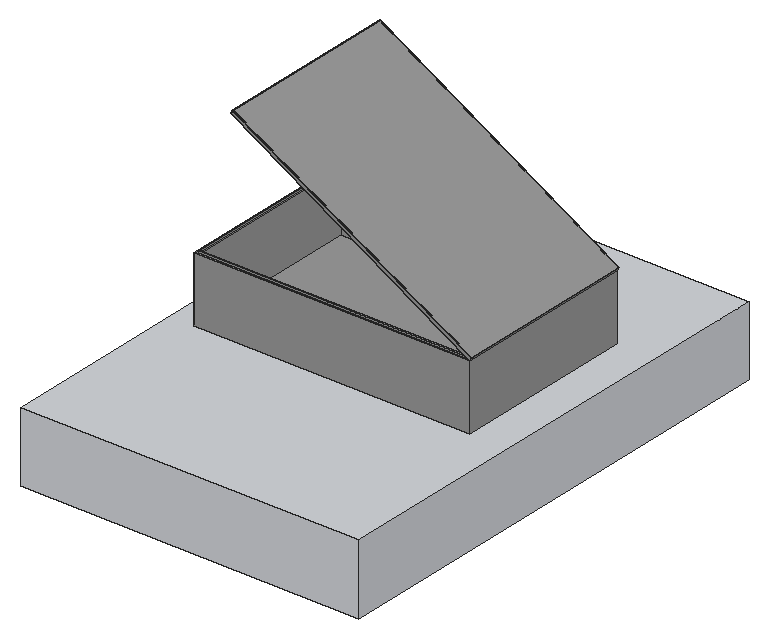
Revit family "Hager-Orion_Inox-IP55-D300-Cl.I-Inox_encl-630A-800mm-CH-fr", category Equipement électrique, Revit 2020
Family settings
  Hôte = Face
  Configuration du panneau = Deux colonnes, circuits au sein
  Cote de connecteur circulaire = Utiliser le diamètre
  Type d'élément = Tableau de raccordement
  Couper avec des vides une fois chargée = Non
  Partagée = Non
  Point de calcul de pièce = Non
Parameters (values of type "saillie IP55 L1200 H800 P300  - FL055BWL")
  Width Control [instance] = if([EF000008 - largeur] > Min Width, [EF000008 - largeur], Min Width)  # 1200 mm
  Commentaires du type = [HG000003 - Gamme]  # "Orion Inox"
  Thickness Door [instance] = if([EF009171 - épaisseur de matériau de la porte/du couvercle] > 3 mm, 3 mm, [EF009171 - épaisseur de matériau de la porte/du couvercle])  # 1.5 mm
  Seal Frame Offset [instance] = 17 mm  # constant formula
  Model = ""
  Min Width [instance] = 100 mm  # constant formula
  Min Height [instance] = 100 mm  # constant formula
  Min Depth [instance] = (2 * [EF009170 - épaisseur de matériau du boîtier]) + 1 mm  # 4 mm
  Internal Frame Depth [instance] = (Door System Depth * 0.5)  # 9 mm
  Height Control [instance] = if([EF000040 - hauteur] > Min Height, [EF000040 - hauteur], Min Height)  # 800 mm
  HG000027 - Hauteur du socle = 0 mm
  HG000026 - Installation au sol = no
  HG000024 - Hauteur de la section basse = 800 mm
  HG000023 - Armoire double section = no
  HG000016 - Visibilité de la porte 3D [instance] = yes
  HG000015 - Visibilité de l'emprise de la porte [instance] = no
  HG000014 - Porte à droite [instance] = yes
  HG000013 - Porte à gauche [instance] = not([HG000014 - Porte à droite])  # no
  HG000012 - Angle de pivotement de la porte [instance] = 30.00°
  HG000010 - Portes asymétriques = no
  HG000009 - Porte à double battant = no
  HG000006 - Encastré = no
  HG000004 - Référence fabricant = "FL055BWL"
  HG000003 - Gamme = "Orion Inox"
  HG000002 - avec porte = yes
  Frame Offset Bottom [instance] = 10 mm  # constant formula
  Frame Offset [instance] = 15 mm  # constant formula
  EF015940 - couvercle avec décharge de pression = no
  EF011959 - degré de protection (NEMA) = ""
  EF009554 - nombre d'ouvertures pour plaques à bride = 0
  Fabricant = "Hager"  # constant formula
  EF009212 - finition du couvercle = "EV000116 - fermé"
  EF009171 - épaisseur de matériau de la porte/du couvercle = 1.5 mm
  EF009170 - épaisseur de matériau du boîtier = 1.5 mm
  EF008873 - courant nominal (In) = 630 A
  EF007800 - adapté à un parafoudre = no
  EF006306 - avec serrure = yes
  EF006244 - couvercle/porte transparent(e) = no
  EF005474 - indice de protection (IP) = "EV006420 - IP55"
  EF004464 - type de porte = "EV003602 - double"
  EF004427 - nombre de modules = 0
  EF004293 - indice de protection contre les chocs (IK) = "EV008784 - IK10"
  EF003532 - convient pour utilisation à l’extérieur = yes
  EF002950 - largeur en nombre de modules = 0
  EF001613 - maintien de fonction = "EV000494 - sans"
  EF001596 - matériau du boîtier/corps = "EV000166 - acier inoxydable"
  EF001131 - profondeur intérieure = 266 mm
  EF001088 - possibilité de montage en saillie = yes
  EF000437 - nombre d'entrées de conduit = 0
  EF000339 - type de capot = "EV004216 - porte"
  EF000266 - nombre de rangées = 0
  EF000218 - profondeur d'encastrement = 0 mm
  EF000118 - avec cadre/support de montage = no
  EF000116 - numéro RAL = ""
  EF000049 - profondeur = 300 mm
  EF000040 - hauteur = 800 mm
  EF000008 - largeur = 1200 mm
  EF000007 - couleur = "EV000154 - autre"
  EF000003 - mode de pose = "EV000384 - saillie"
  Door System Leaf Tolerance [instance] = 1.5 mm  # constant formula
  Door System Depth [instance] = 18 mm  # constant formula
  Depth Control [instance] = if([EF000049 - profondeur] > Min Depth, [EF000049 - profondeur], Min Depth)  # 300 mm
  Default Elevation = 0 mm
Types (4, lengths in mm): name | Width Control | HG000004 - Référence fabricant | EF000008 - largeur
  saillie IP55 L1000 H800 P300  - FL054BW | 1000 | "FL054BW" | 1000
  saillie IP55 L1000 H800 P300  - FL054BWL | 1000 | "FL054BWL" | 1000
  saillie IP55 L1200 H800 P300  - FL055BW | 1200 | "FL055BW" | 1200
  saillie IP55 L1200 H800 P300  - FL055BWL | 1200 | "FL055BWL" | 1200
Reference planes
  plane 1 "Center (Front/Back)": y = 0
  plane 2: z = 0
  plane 3 "Center (Left/Right)": x = 0
  plane 4: z = 300
  plane 5: y = 1.5
  plane 6: y = 400
  plane 7: y = 0
  plane 8: y = 800
  plane 9: z = 0
  plane 10: x = -585
  plane 11: x = 585
  plane 12: x = 583.5
  plane 13: x = -583.5
  plane 14: y = 798.5
  plane 15: x = -583
  plane 16: x = -600
  plane 17: x = 583
  plane 18: x = 600
  plane 19: x = 598.5
  plane 20: x = -598.5
  plane 21: y = 11.5
  plane 22: y = 800
  plane 23: y = 783.5
  plane 24: z = 282
  plane 25: z = 1.5
  plane 26: z = 280.5
  plane 27: z = 298.5
Forms (mm)
  Extrusion 1, solid
    sketch origin (0, 0, 0) x (1, 0, 0) y (0, 1, 0)
      loop
        line (-702.964, 1305) -> (-702.964, -811.445) -> (766.763, -811.445) -> (766.763, 1305) -> (-702.964, 1305)
    from 0 to -304.8
  Extrusion 2, solid, material "Hager_Stainless_Steel", detail levels medium+fine
    sketch origin (0, 0, 0) x (1, 0, 0) y (0, 1, 0)
      loop
        line (-600, 0) -> (600, 0) -> (600, 800) -> (-600, 800) -> (-600, 0)
    from 0 to 282
  Extrusion 3, solid, material "Hager_Steel_RAL 7035_Light_Grey", not visible, detail levels medium+fine
    sketch origin (0, 28.16, 50.802) x (0, 1, 0) y (0, 0, 1)
      loop
        line (423.34, -50.802) -> (423.34, 237.698)
        arc (423.34, 237.698) -> (420.411, 244.769) -> (413.34, 247.698) r 10
        line (413.34, 247.698) -> (383.34, 247.698) -> (383.34, -50.802) -> (423.34, -50.802)
    from -598.5 to 598.5
  Extrusion 4, void
    sketch origin (0, 0, 0) x (1, 0, 0) y (0, 1, 0)
      loop
        line (-598.5, 1.5) -> (598.5, 1.5) -> (598.5, 798.5) -> (-598.5, 798.5) -> (-598.5, 1.5)
    from 1.5 to 280.5
  Extrusion 5, void
    sketch origin (-381.607, -4572, 282) x (0, -1, 0) y (-1, 0, 0)
      loop
        line (-4583.5, 201.893) -> (-5355.5, 201.893) -> (-5355.5, -965.107) -> (-4583.5, -965.107) -> (-4583.5, 201.893)
    from 0 to 1.5 <- "EF009170 - épaisseur de matériau du boîtier"
  Extrusion 6, solid, material "Hager_Stainless_Steel", detail levels fine
    sketch origin (-381.607, -4572, 282) x (-1, 0, 0) y (0, -1, 0)
      loop
        line (201.893, -4583.5) -> (-965.107, -4583.5) -> (-965.107, -5355.5) -> (201.893, -5355.5) -> (201.893, -4583.5)
      loop
        line (202.893, -4582) -> (-966.107, -4582) -> (-966.107, -5357) -> (202.893, -5357) -> (202.893, -4582)
    from 0 to 9 <- "Internal Frame Depth"
  Extrusion 7, solid, material "Hager_Stainless_Steel", detail levels coarse
    sketch origin (0, 0, 0) x (1, 0, 0) y (0, 1, 0)
      loop
        line (-600, 0) -> (600, 0) -> (600, 800) -> (-600, 800) -> (-600, 0)
    from 0 to 300
Cuts and joins
  Extrusion 4, Extrusion 5 cuts Extrusion 2
Lines and regions (mm)
  Masking region 1
    outline origin (0, 0, 0) x (1, 0, 0) y (0, 0, 1)
      loop
        line (-600, 300) -> (-600, 0) -> (600, 0) -> (600, 300) -> (-600, 300)
  Masking region 2, detail levels medium+fine
    outline origin (0, 140, 0) x (0, 1, 0) y (0, 0, 1)
      loop
        line (-140, 0) -> (660, 0) -> (660, 282) -> (-140, 282) -> (-140, 0)
  Masking region 3, not visible, detail levels medium+fine
    outline origin (0, 297.922, 0) x (0, 1, 0) y (0, 0, 1)
      loop
        line (113.578, 0) -> (153.578, 0) -> (153.578, 288.5)
        arc (153.578, 288.5) -> (150.649, 295.571) -> (143.578, 298.5) r 10
        line (143.578, 298.5) -> (113.578, 298.5) -> (113.578, 0)
  Masking region 4, detail levels coarse
    outline origin (0, 0, 180) x (0, 1, 0) y (0, 0, 1)
      loop
        line (0, -180) -> (800, -180) -> (800, 120) -> (0, 120) -> (0, -180)
  Masking region 5
    outline origin (-381.607, -4572, 282) x (-1, 0, 0) y (0, -1, 0)
      loop
        line (218.393, -5372) -> (218.393, -4572) -> (-981.607, -4572) -> (-981.607, -5372) -> (218.393, -5372)
Dimensions and locks
  "Depth Control": plane 4 to Extrusion 1
  "EF009170 - épaisseur de matériau du boîtier": plane 5 to plane 7
  locked: connector elem to plane 3 "Center (Left/Right)"
  equal spacing: plane 8, plane 6, plane 7
  locked: connector elem to plane 6
  "EF009170 - épaisseur de matériau du boîtier": plane 8 to plane 14
  "EF009170 - épaisseur de matériau du boîtier": plane 10 to plane 13
  "EF009170 - épaisseur de matériau du boîtier": plane 12 to plane 11
  "Frame Offset": plane 20 to plane 13
  "Frame Offset": plane 12 to plane 19
  "EF009170 - épaisseur de matériau du boîtier": plane 16 to plane 20
  "EF009170 - épaisseur de matériau du boîtier": plane 19 to plane 18
  "Seal Frame Offset": plane 16 to plane 15
  "Seal Frame Offset": plane 17 to plane 18
  "Frame Offset Bottom": plane 21 to plane 5
  "Frame Offset": plane 14 to plane 23
  equal spacing: plane 16, plane 3 "Center (Left/Right)", plane 18
  "Width Control": plane 16 to plane 18
  "EF009170 - épaisseur de matériau du boîtier": plane 4 to plane 27
  "EF009170 - épaisseur de matériau du boîtier": plane 24 to plane 26
  "EF009170 - épaisseur de matériau du boîtier": plane 25 to level
  "Door System Depth": plane 4 to plane 24
  "Height Control": plane 1 "Center (Front/Back)" to Extrusion 7 sketch curve
  "Height Control": Masking region 4 sketch curve to plane 1 "Center (Front/Back)"
  "Thickness Door": Extrusion 6 sketch curve to plane 15
  "Thickness Door": plane 21 to Extrusion 6 sketch curve
  "Thickness Door": plane 17 to Extrusion 6 sketch curve
  "Thickness Door": Extrusion 6 sketch curve to plane 23
  "Height Control": plane 1 "Center (Front/Back)" to plane 22
  radius of Masking region 3 sketch curve = 10 mm
  radius of Extrusion 3 sketch curve = 10 mm
  aligned and locked: plane 2 to Extrusion 1
  aligned and locked: level to Extrusion 1
  aligned and locked: level to Masking region 1 sketch curve
  aligned and locked: Masking region 1 sketch curve to plane 18
  aligned and locked: Masking region 1 sketch curve to plane 16
  aligned and locked: plane 7 to Masking region 2 sketch curve
  aligned and locked: level to Masking region 3 sketch curve
  aligned and locked: Masking region 3 sketch curve to plane 27
  aligned and locked: level to Masking region 2 sketch curve
  aligned and locked: Extrusion 2 sketch curve to plane 7
  aligned and locked: plane 16 to Extrusion 2 sketch curve
  aligned and locked: plane 18 to Extrusion 2 sketch curve
  aligned and locked: Extrusion 3 sketch curve to level
  aligned and locked: plane 27 to Extrusion 3 sketch curve
  aligned and locked: plane 20 to Extrusion 3
  aligned and locked: plane 19 to Extrusion 3
  aligned and locked: plane 20 to Extrusion 4 sketch curve
  aligned and locked: plane 19 to Extrusion 4 sketch curve
  aligned and locked: Extrusion 4 sketch curve to plane 5
  aligned and locked: Extrusion 4 to plane 25
  aligned and locked: plane 26 to Extrusion 4
  aligned and locked: plane 24 to Extrusion 2
  aligned and locked: Extrusion 5 sketch curve to plane 21
  aligned and locked: Extrusion 5 sketch curve to plane 13
  aligned and locked: Extrusion 5 sketch curve to plane 12
  aligned and locked: plane 18 to Extrusion 7 sketch curve
  aligned and locked: plane 1 "Center (Front/Back)" to Extrusion 7 sketch curve
  aligned and locked: plane 16 to Extrusion 7 sketch curve
  aligned and locked: plane 4 to Extrusion 7
  aligned and locked: Extrusion 7 to level
  aligned and locked: level to Masking region 4 sketch curve
  aligned and locked: Masking region 4 sketch curve to plane 1 "Center (Front/Back)"
  aligned and locked: Masking region 4 sketch curve to plane 4
  aligned and locked: nested 1 to level
  aligned and locked: nested 1 to plane 16
  aligned and locked: Extrusion 2 sketch curve to plane 8
  aligned and locked: Extrusion 5 sketch curve to plane 23
  aligned and locked: Extrusion 4 sketch curve to plane 14
  aligned and locked: Extrusion 6 sketch curve to plane 21
  aligned and locked: plane 13 to Extrusion 6 sketch curve
  aligned and locked: Extrusion 6 sketch curve to plane 23
  aligned and locked: plane 12 to Extrusion 6 sketch curve
  aligned and locked: Masking region 2 sketch curve to plane 8
  aligned and locked: Masking region 2 sketch curve to plane 24
  aligned and locked: nested 2 to plane 3 "Center (Left/Right)"
  aligned and locked: nested 2 to plane 24
  aligned and locked: Masking region 5 sketch curve to plane 1 "Center (Front/Back)"
  aligned and locked: Masking region 5 sketch curve to plane 18
  aligned and locked: Masking region 5 sketch curve to plane 22
  aligned and locked: Masking region 5 sketch curve to plane 16
  aligned and locked: plane 8 to plane 22
  aligned and locked: plane 7 to plane 1 "Center (Front/Back)"
  aligned and locked: nested 2 to plane 1 "Center (Front/Back)"
Automatic sketch dimensions
  Extrusion 1 sketch curve to Extrusion 1 sketch curve = 1469.727 mm
  Extrusion 1 sketch curve to Extrusion 1 sketch curve = 2116.445 mm
  plane 6 to Masking region 3 sketch curve = 11.5 mm
  Masking region 3 sketch curve to Masking region 3 sketch curve = 30 mm
  plane 6 to Extrusion 3 sketch curve = 11.5 mm
  Extrusion 3 sketch curve to Extrusion 3 sketch curve = 30 mm
  Masking region 1 sketch curve to plane 4 = 0 mm
Nested families
  nested 1: "Hager_Enclosure_Symbol" at (-600, 0, 0) x (1, 0, 0) z (0, -1, 0), Height <- "Depth Control", Width <- "Width Control", type "Hager_Enclosure_Symbol"
    with Width_Ctrl 1200 mm, Width 1200 mm, Height_Ctrl 300 mm, Height 300 mm, A_Width_Int 19.688 mm, A_Width 236.25 mm, A_Height_Ctrl 262.5 mm, A_Height 262.5 mm
  nested 2: "EC000058_OrionInox_Door" at (0, 800, 282) x (1, 0, 0) z (0, -1, 0), Leaf_Tolerance <- "Door System Leaf Tolerance", Angle <- "HG000012 - Angle de pivotement de la porte", Door_Depth <- "Door System Depth", Door_Left <- "HG000013 - Porte à gauche", Transparent <- "EF006244 - couvercle/porte transparent(e)", Assymetrical <- "HG000010 - Portes asymétriques", Width <- "Width Control", Clearance <- "HG000015 - Visibilité de l'emprise de la porte", Double <- "HG000009 - Porte à double battant", 3d_Door <- "HG000016 - Visibilité de la porte 3D", Width_Ctrl <- "Width Control", Door_Right <- "HG000014 - Porte à droite", Door <- "HG000002 - avec porte", Height <- "Height Control", Thickness <- "Thickness Door", type "EC000058_OrionInox_Door", detail levels medium+fine
    with min_wh 4 mm, Width_Ctrl 1200 mm, Width 1200 mm, Transparent no, Thickness 1.5 mm, Seal_Material Hager_Rubber, Leaf_Width 1200 mm, Leaf_Tolerance_External_Sides 0 mm, Leaf_Tolerance 1.5 mm, Leaf_Offset 0 mm, Leaf_Height 797 mm, Leaf_2_Width 1200 mm, Leaf_2_Offset 600 mm, Leaf_1_Width 1200 mm, Leaf_1_Offset 600 mm, Height_Ctrl 800 mm, Height 800 mm, Glass_Material Hager_Glass, Double_Clearance_Ctrl no, Double no, Door_Right_Ctrl yes, Door_Right yes, Door_Material Hager_Stainless_Steel, Door_Left_Ctrl no, Door_Left no, Door_Depth 18 mm, Door yes, Clearance_Material Hager_Clearance, Clearance_Depth 1200 mm, Clearance_Ctrl no, Clearance no, Assymetrical no, Angle 30.00°, 3d_Door yes
Connectors
  electrical at (0, 400, 0)
    settings: on plane 9, index 1, voltage 0 V, apparent load 0 VA, apparent load phase1 0 VA, apparent load phase2 0 VA, apparent load phase3 0 VA, power factor 1, load classification "Other", number of poles 1, system type 30, power factor state 1, is connector primary yes, connector utility no, sub classification motor no, connector description ""
Definition of nested family "EC000058_OrionInox_Door"
  Parameters (values of type "EC000058_OrionInox_Door")
    min_wh [instance] = (2 * Thickness) + 1 mm  # 11 mm
    Width_Ctrl [instance] = 400 mm
    Width [instance] = 500 mm
    Transparent [instance] = yes
    Thickness [instance] = 5 mm
    Seal_Material [instance] = none
    Leaf_Width [instance] = if((Width_Ctrl - 2 * Leaf_Tolerance_External_Sides) > 0 mm, (Width_Ctrl - 2 * Leaf_Tolerance_External_Sides), min_wh)  # 400 mm
    Leaf_Tolerance_External_Sides [instance] = 0 mm  # constant formula
    Leaf_Tolerance [instance] = 1.5 mm
    Leaf_Offset [instance] = 0 mm  # constant formula
    Leaf_Height [instance] = if((Height_Ctrl - 2 * Leaf_Tolerance) > 0 mm, (Height_Ctrl - 2 * Leaf_Tolerance), min_wh)  # 497 mm
    Leaf_2_Width [instance] = if(and(and(Double, Assymetrical), Door_Left), (Leaf_Width / 3) - (Leaf_Tolerance / 2), if(and(and(Double, Assymetrical), Door_Right), (Leaf_Width / 3) * 2 - (Leaf_Tolerance / 2), if(and(Double, not(Assymetrical)), (Leaf_Width / 2) - Leaf_Tolerance, Leaf_Width)))  # 400 mm
    Leaf_2_Offset [instance] = if(and(Double, Assymetrical), Leaf_2_Width / 2, if(and(Double, not(Assymetrical)), Leaf_Width / 4, Leaf_Width / 2))  # 200 mm
    Leaf_1_Width [instance] = if(and(and(Double, Assymetrical), Door_Right), (Leaf_Width / 3) - (Leaf_Tolerance / 2), if(and(and(Double, Assymetrical), Door_Left), (Width / 3) * 2 - (Leaf_Tolerance / 2), if(and(Double, not(Assymetrical)), (Leaf_Width / 2) - Leaf_Tolerance, Leaf_Width)))  # 400 mm
    Leaf_1_Offset [instance] = if(and(Double, Assymetrical), Leaf_1_Width / 2, if(and(Double, not(Assymetrical)), Leaf_Width / 4, Leaf_Width / 2))  # 200 mm
    Height_Ctrl [instance] = if(Height > min_wh, Height, min_wh)  # 500 mm
    Height [instance] = 500 mm
    Glass_Material [instance] = none
    Double_Clearance_Ctrl [instance] = and(Double, Clearance)  # no
    Double [instance] = no
    Door_Right_Ctrl [instance] = and(or(Door_Right, Double), Door)  # yes
    Door_Right [instance] = yes
    Door_Material [instance] = none
    Door_Left_Ctrl [instance] = and(or(Door_Left, Double), Door)  # no
    Door_Left [instance] = no
    Door_Depth [instance] = 30 mm
    Door [instance] = yes
    Default Elevation = 1219.2 mm
    Clearance_Material [instance] = none
    Clearance_Depth [instance] = if(Leaf_1_Width > Leaf_2_Width, Leaf_1_Width, Leaf_2_Width)  # 400 mm
    Clearance_Ctrl [instance] = and(not(Double), Clearance)  # yes
    Clearance [instance] = yes
    Assymetrical [instance] = yes
    Angle [instance] = 30.00°
    3d_Door [instance] = yes
  Reference planes
    plane 1 "Center (Front/Back)": y = 0
    plane 2 "Bottom": z = 0
    plane 3 "Center (Left/Right)": x = 0
    plane 4: z = 500
    plane 5: x = -200
    plane 6: x = 200
    plane 7: z = 500
    plane 8: x = -200
    plane 9: z = 0
    plane 10: x = 200
    plane 11: y = 0
    plane 12: z = 1.5
    plane 13: x = -600
    plane 14: y = -400
    plane 15: x = 600
    plane 16: x = 0
    plane 17: x = 0
    plane 18: x = -200
    plane 19: x = 200
    plane 20: z = 498.5
  Forms (mm)
    Extrusion 1, solid, material <- "Clearance_Material", visible <- "Double_Clearance_Ctrl"
      sketch origin (1200, 0, 0) x (1, 0, 0) y (0, 0, -1)
        loop
          line (-1800, -498.5) -> (-600, -498.5) -> (-600, 0) -> (-1800, 0) -> (-1800, -498.5)
      from 0 to -400
  Dimensions and locks
    equal spacing: plane 5, plane 3 "Center (Left/Right)", plane 6
    "Width_Ctrl": plane 5 to plane 6
    "Leaf_Offset": plane 5 to plane 8
    "Leaf_Offset": plane 6 to plane 10
    "Leaf_Offset": plane 9 to level
    "Leaf_Offset": plane 4 to plane 7
    "Height_Ctrl": plane 4 to level
    "Leaf_Tolerance": plane 12 to plane 9
    locked: plane 11 to plane 1 "Center (Front/Back)"
    "Leaf_1_Offset": plane 18 to plane 16
    "Leaf_2_Offset": plane 17 to plane 19
    "Leaf_1_Width": plane 13 to plane 8
    "Leaf_2_Width": plane 10 to plane 15
    "Clearance_Depth": plane 14 to plane 1 "Center (Front/Back)"
    "Leaf_Tolerance_External_Sides": plane 8 to plane 18
    "Leaf_Tolerance_External_Sides": plane 19 to plane 10
    "Leaf_Tolerance": plane 7 to plane 20
    aligned and locked: level to plane 2 "Bottom"
    aligned and locked: nested 1 to plane 16
    aligned and locked: nested 2 to plane 17
    aligned and locked: Extrusion 1 to plane 13
    aligned and locked: plane 15 to Extrusion 1
    aligned and locked: Extrusion 1 to plane 14
    aligned and locked: plane 12 to nested 1
    aligned and locked: nested 2 to plane 12
    aligned and locked: Extrusion 1 to plane 11
    aligned and locked: plane 20 to Extrusion 1
    aligned and locked: nested 2 to plane 11
    aligned and locked: nested 1 to plane 11
  Automatic sketch dimensions
    Extrusion 1 sketch curve to level = 0 mm
    plane 5 to Extrusion 1 sketch curve = 400 mm
    plane 6 to Extrusion 1 sketch curve = 400 mm
    Extrusion 1 sketch curve to plane 4 = 1.5 mm
  Nested families
    nested 1: "EC000058_OrionInox_Door_Leaf" at (0, 0, 1.5), Width <- "Leaf_1_Width", visible <- "Door_Left_Ctrl", Leaf_Height <- "Leaf_Height", Angle <- "Angle", 3d_Door <- "3d_Door", Transparent <- "Transparent", Clearance Material <- "Clearance_Material", Clearance <- "Clearance_Ctrl", Door_Material <- "Door_Material", Glass_Material <- "Glass_Material", Door_Depth <- "Door_Depth", Seal_Material <- "Seal_Material", Thickness <- "Thickness", type "EC000058_OrionInox_Door_Leaf"
      with Width 400 mm, Transparent_Ctrl yes, Transparent yes, Thickness 5 mm, Standard no, Seal_Material none, Seal_D2 8 mm, Seal_D1 1 mm, Offset_Internal_Frame 10 mm, Lock_Width 28 mm, Lock_Thickness 2 mm, Lock_Radius 6 mm, Leaf_Height 497 mm, Internal_Seal_Thickness 8 mm, Internal_Seal_Depth_2 4.5 mm, Internal_Frame_Depth 25 mm, Glass_Thickness -1 mm, Glass_Offset -2 mm, Glass_Material none, Door_Material none, Door_Depth 30 mm, Clearance Material none, Clearance yes, Angle_Ctrl 30.00°, Angle 30.00°, 3d_Door yes
    nested 2: "EC000058_OrionInox_Door_Leaf" at (0, 0, 1.5) x (-1, 0, 0) z (0, 0, 1), Width <- "Leaf_2_Width", visible <- "Door_Right_Ctrl", Leaf_Height <- "Leaf_Height", Angle <- "Angle", 3d_Door <- "3d_Door", Transparent <- "Transparent", Clearance Material <- "Clearance_Material", Clearance <- "Clearance_Ctrl", Door_Material <- "Door_Material", Glass_Material <- "Glass_Material", Door_Depth <- "Door_Depth", Seal_Material <- "Seal_Material", Thickness <- "Thickness", type "EC000058_OrionInox_Door_Leaf"
      with Width 400 mm, Transparent_Ctrl yes, Transparent yes, Thickness 5 mm, Standard no, Seal_Material none, Seal_D2 8 mm, Seal_D1 1 mm, Offset_Internal_Frame 10 mm, Lock_Width 28 mm, Lock_Thickness 2 mm, Lock_Radius 6 mm, Leaf_Height 497 mm, Internal_Seal_Thickness 8 mm, Internal_Seal_Depth_2 4.5 mm, Internal_Frame_Depth 25 mm, Glass_Thickness -1 mm, Glass_Offset -2 mm, Glass_Material none, Door_Material none, Door_Depth 30 mm, Clearance Material none, Clearance yes, Angle_Ctrl 30.00°, Angle 30.00°, 3d_Door yes
  Definition of nested family "EC000058_OrionInox_Door_Leaf"
    Parameters (values of type "EC000058_OrionInox_Door_Leaf")
      Width [instance] = 450 mm
      Transparent_Ctrl [instance] = and(Transparent, [3d_Door])  # yes
      Transparent [instance] = yes
      Thickness [instance] = 5 mm
      Standard [instance] = and(not(Transparent), [3d_Door])  # no
      Seal_Material [instance] = none
      Seal_D2 [instance] = 8 mm  # constant formula
      Seal_D1 [instance] = 1 mm  # constant formula
      Offset_Internal_Frame [instance] = 10 mm  # constant formula
      Lock_Width [instance] = Door_Depth - Lock_Thickness  # 28 mm
      Lock_Thickness [instance] = 2 mm  # constant formula
      Lock_Radius [instance] = 6 mm  # constant formula
      Leaf_Height [instance] = 450 mm
      Internal_Seal_Thickness [instance] = 8 mm  # constant formula
      Internal_Seal_Depth_2 [instance] = 4.5 mm  # constant formula
      Internal_Frame_Depth [instance] = if(Door_Depth - Thickness > 5 mm, Door_Depth - Thickness, 5 mm)  # 25 mm
      Glass_Thickness [instance] = if(Thickness > 15 mm, Glass_Offset + 10 mm, -1 mm)  # -1 mm
      Glass_Offset [instance] = if(Thickness > 15 mm, -(Thickness + 10 mm) / 2, -2 mm)  # -2 mm
      Glass_Material [instance] = none
      Door_Material [instance] = none
      Door_Depth [instance] = 30 mm
      Default Elevation = 0 mm
      Clearance Material [instance] = none
      Clearance [instance] = yes
      Angle_Ctrl [instance] = if(Angle > 180.00°, 180.00°, Angle)  # 90.00°
      Angle [instance] = 90.00°
      3d_Door [instance] = yes
    Reference planes
      plane 1 "Center (Front/Back)": y = 0
      plane 2: z = 0
      plane 3 "Center (Left/Right)": x = 0
      plane 4: y = 450
      plane 5: x = -225
      plane 6: x = 225
      plane 7: x = -675
      plane 8: z = 450
      plane 9: z = 30
      plane 10: z = 420
      plane 11: x = 195
      plane 12: x = -195
      plane 13: y = -3
      plane 14: z = 107.833
      plane 15: y = -5
      plane 16: y = -223.314
      plane 17: x = -225
      plane 18: y = 30
    Forms (mm)
      Extrusion 1, solid, material <- "Clearance Material", visible <- "Clearance"
        sketch origin (0, 0, 0) x (1, 0, 0) y (0, 0, 1)
          loop
            line (-675, 450) -> (-675, 0) -> (225, 0) -> (225, 450) -> (-675, 450)
        from 0 to -450
      Extrusion 2, solid, material <- "Door_Material", visible <- "Standard", detail levels medium+fine
        sketch origin (-225, 0, 0) x (0, 1, 0) y (-1, 0, 0)
          loop
            line (0, 30) -> (0, 25) -> (450, 25) -> (450, 30) -> (0, 30)
        from 0 to 450 <- "Leaf_Height"
      Extrusion 3, solid, material <- "Door_Material", visible <- "Transparent_Ctrl", detail levels medium+fine
        sketch origin (-225, 0, 0) x (0, 1, 0) y (-1, 0, 0)
          loop
            line (0, 25) -> (450, 25) -> (450, 30) -> (0, 30) -> (0, 25)
        from 0 to 450 <- "Leaf_Height"
      Extrusion 4, void
        sketch origin (-250, 450, 0) x (0, 1, 0) y (0, 0, -1)
          loop
            line (-30, -420) -> (-30, -30) -> (-420, -30) -> (-420, -420) -> (-30, -420)
        from 0 to 5 <- "Thickness"
      Sweep 5, solid, material <- "Seal_Material", visible <- "Transparent_Ctrl", detail levels fine
        path in 3D
          loop
            line (-250, 30, 30) -> (-250, 30, 420) -> (-250, 420, 420) -> (-250, 420, 30) -> (-250, 30, 30)
        profile origin (-250, 225, 30) x (1, 0, 0) y (0, 0, 1)
          loop
            line (0, 0) -> (0, -8) -> (1, -8) -> (1, 0) -> (0, 0)
      Extrusion 6, solid, material <- "Glass_Material", visible <- "Transparent_Ctrl", detail levels medium+fine
        sketch origin (-255, 0, 0) x (0, 1, 0) y (0, 0, -1)
          loop
            line (420, -420) -> (420, -30) -> (30, -30) -> (30, -420) -> (420, -420)
        from -2 <- "Glass_Offset" to -1 <- "Glass_Thickness"
      Extrusion 7, solid, material <- "Door_Material", visible <- "3d_Door", detail levels medium+fine
        sketch origin (-250, 450, 0) x (0, -1, 0) y (0, 0, -1)
          loop
            line (0, -450) -> (450, -450) -> (450, 0) -> (0, 0) -> (0, -450)
          loop
            line (445, -5) -> (5, -5) -> (5, -445) -> (445, -445) -> (445, -5)
        from 0 to 25 <- "Internal_Frame_Depth"
      Sweep 8, solid, material <- "Seal_Material", visible <- "Transparent_Ctrl", detail levels fine
        path in 3D
          loop
            line (-250, 0, 0) -> (-250, 450, 0) -> (-250, 450, 450) -> (-250, 0, 450) -> (-250, 0, 0)
        profile origin (-250, 0, 225) x (1, 0, 0) y (0, 1, 0)
          loop
            line (0, 10) -> (2.975, 10)
            arc (2.975, 10) -> (4.053, 10.447) -> (4.5, 11.525) r 1.525
            line (4.5, 11.525) -> (4.5, 16.527)
            arc (4.5, 16.527) -> (4.069, 17.569) -> (3.027, 18) r 1.473
            line (3.027, 18) -> (0, 18) -> (0, 10)
    Cuts and joins
      Extrusion 4 cuts Extrusion 3
    Lines and regions (mm)
      Masking region 1, detail levels medium+fine
        outline origin (0, 0, 0) x (0, 1, 0) y (0, 0, 1)
          loop
            line (0, 0) -> (30, 0) -> (30, 450) -> (0, 450) -> (0, 0)
      Masking region 2, detail levels medium+fine
        outline origin (0, 0, 0) x (1, 0, 0) y (0, 0, 1)
          loop
            line (-225, 450) -> (-225, 0) -> (225, 0) -> (225, 450) -> (-225, 450)
      symbolic lines
        curve 1: line (225, 0, 0) -> (-675, 0, 0)
        curve 2: arc (225, 0, 0) -> (-225, 450, 0) -> (-675, 0, 0) r 450
        curve 4: line (-255, 0, 0) -> (-255, 450, 0)
      reference lines
        curve 3: line (-225, 0, 0) -> (-225, 450, 0)
      symbolic lines, detail levels medium+fine
        curve 5: line (-255, 450, 0) -> (-250, 450, 0)
        curve 7: line (-250, 0, 0) -> (-255, 0, 0)
        curve 8: line (-250, 0, 0) -> (-225, 0, 0)
        curve 9: line (-225, 0, 0) -> (-225, 450, 0)
        curve 10: line (-225, 450, 0) -> (-250, 450, 0)
      symbolic lines, detail levels fine
        curve 6: line (-250, 450, 0) -> (-250, 0, 0)
      sketch lines
        curve 11: line (-250, 0, 450) -> (-250, 0, 0)
        curve 12: line (-250, 450, 0) -> (-250, 0, 0)
        curve 13: line (-250, 450, 450) -> (-250, 450, 0)
        curve 14: line (-250, 0, 450) -> (-250, 450, 450)
        curve 15: line (-250, 420, 30) -> (-250, 30, 30)
        curve 16: line (-250, 30, 30) -> (-250, 30, 420)
        curve 17: line (-250, 420, 420) -> (-250, 420, 30)
        curve 18: line (-250, 30, 420) -> (-250, 420, 420)
      symbolic lines, visible <- "Transparent", detail levels medium+fine
        curve 19: line (-195, 0, 420) -> (195, 0, 420)
        curve 20: line (-195, 0, 30) -> (-195, 0, 420)
        curve 21: line (195, 0, 30) -> (-195, 0, 30)
        curve 22: line (195, 0, 420) -> (195, 0, 30)
    Dimensions and locks
      "Width": plane 1 "Center (Front/Back)" to plane 4
      equal spacing: plane 5, plane 3 "Center (Left/Right)", plane 6
      "Width": plane 5 to plane 6
      "Width": plane 7 to plane 5
      "Leaf_Height": plane 8 to level
      "Width": curve 5 to curve 3
      "Width": curve 3 to curve 3
      plane 8 to plane 10 = 30 mm
      plane 9 to level = 30 mm
      plane 12 to plane 5 = 30 mm
      plane 6 to plane 11 = 30 mm
      Extrusion 4 sketch curve to Extrusion 3 = 30 mm
      Extrusion 3 to Extrusion 4 sketch curve = 30 mm
      Extrusion 1 to Extrusion 4 sketch curve = 30 mm
      curve 3 to Extrusion 4 sketch curve = 30 mm
      Extrusion 4 sketch curve to cut or joined group of Extrusion 3, Extrusion 4 = 30 mm
      cut or joined group of Extrusion 3, Extrusion 4 to Extrusion 6 sketch curve = 30 mm
      cut or joined group of Extrusion 3, Extrusion 4 to Extrusion 4 sketch curve = 30 mm
      "Thickness": curve 6 to curve 4
      "Thickness": Extrusion 7 sketch curve to Extrusion 7 sketch curve  (x4)
      "Door_Depth": curve 4 to curve 3
      "Offset_Internal_Frame": profile plane to Sweep 8 sketch curve
      "Internal_Seal_Thickness": Sweep 8 sketch curve to Sweep 8 sketch curve
      "Internal_Seal_Depth_2": profile plane to Sweep 8 sketch curve
      "Seal_D1": profile plane to Sweep 5 sketch curve
      "Seal_D2": profile plane to Sweep 5 sketch curve
      "Thickness": Extrusion 2 sketch curve to Extrusion 2 sketch curve
      "Door_Depth": plane 18 to plane 1 "Center (Front/Back)"
      radius of Sweep 8 sketch curve = 1.525 mm
      radius of Sweep 8 sketch curve = 1.473 mm
      "Angle_Ctrl": angle plane 1 "Center (Front/Back)" to curve 3
      aligned and locked: level to plane 2
      aligned and locked: Extrusion 1 to curve 1
      aligned and locked: plane 6 to Extrusion 1
      aligned and locked: plane 1 "Center (Front/Back)" to Extrusion 1
      aligned and locked: plane 4 to Extrusion 1
      aligned and locked: plane 8 to Extrusion 1
      aligned and locked: curve 7 to Extrusion 2 sketch curve
      aligned and locked: curve 5 to Extrusion 2 sketch curve
      aligned and locked: curve 7 to Extrusion 3 sketch curve
      aligned and locked: Extrusion 3 sketch curve to curve 4
      aligned and locked: Extrusion 3 sketch curve to curve 6
      aligned and locked: Extrusion 3 sketch curve to curve 5
      aligned and locked: curve 9 to curve 3
      aligned and locked: Extrusion 7 sketch curve to cut or joined group of Extrusion 3, Extrusion 4  (x4)
      aligned and locked: plane 17 to curve 3
      aligned and locked: plane 1 "Center (Front/Back)" to curve 3
      aligned and locked: plane 17 to plane 5
      aligned and locked: Sweep 8 sketch curve to profile plane
      aligned and locked: Sweep 5 sketch curve to profile plane  (x2)
      aligned and locked: plane 1 "Center (Front/Back)" to Masking region 1 sketch curve
      aligned and locked: plane 18 to Masking region 1 sketch curve
      aligned and locked: level to Masking region 1 sketch curve
      aligned and locked: Masking region 1 sketch curve to plane 8
      aligned and locked: plane 17 to Masking region 2 sketch curve
      aligned and locked: level to Masking region 2 sketch curve
      aligned and locked: Masking region 2 sketch curve to plane 8
      aligned and locked: plane 12 to curve 20
      aligned and locked: plane 10 to curve 19
      aligned and locked: plane 11 to curve 22
      aligned and locked: plane 9 to curve 21
      aligned and locked: Extrusion 2 sketch curve to cut or joined group of Extrusion 3, Extrusion 4
    Automatic sketch dimensions
      plane 1 "Center (Front/Back)" to curve 2 = 0 mm
      curve 2 to plane 5 = 0 mm
      Extrusion 1 sketch curve to level = 0 mm
      Extrusion 1 sketch curve to plane 7 = 0 mm
      Extrusion 1 sketch curve to plane 6 = 0 mm
      Extrusion 1 sketch curve to plane 8 = 0 mm
      Extrusion 3 to Extrusion 6 sketch curve = 30 mm  (x4)
      Masking region 2 sketch curve to plane 6 = 0 mm
      curve 4 to curve 3 = 0 mm
Definition of nested family "Hager_Enclosure_Symbol"
  Parameters (values of type "Hager_Enclosure_Symbol")
    Width_Ctrl [instance] = if(Width > 1 mm, Width, 1 mm)  # 102.27 mm
    Width [instance] = 102.27 mm
    Height_Ctrl [instance] = if(Height > 1 mm, Height, 1 mm)  # 66.5 mm
    A_Width_Int [instance] = if(A_Width / 12 > 2 mm, A_Width / 12, 2 mm)  # 4.364 mm
    A_Width [instance] = if(A_Height_Ctrl * 0.9 > 2 mm, A_Height_Ctrl * 0.9, 2 mm)  # 52.369 mm
    A_Height_Ctrl [instance] = if(A_Height > 2 mm, A_Height, 2 mm)  # 58.188 mm
    Height [instance] = 66.5 mm
    A_Height [instance] = Height - (Height / 8)  # 58.188 mm
  Reference planes
    plane 1 "Centre (avant/arrière)": y = 0
    plane 2: z = 0
    plane 3 "Centre (gauche/droite)": x = 0
    plane 4: x = 52.369
    plane 5: y = 33.042
    plane 6: y = 41.77
    plane 7: y = 66.5
    plane 8: x = 26.184
    plane 9: y = 37.406
    plane 10: x = 102.27
    plane 11: y = 66.5
    plane 12: y = 8.313
  Lines and regions (mm)
    Filled region 1, type "Solid_Black", in view "Niveau de réf."
      outline origin (0, 0, 0) x (1, 0, 0) y (0, 1, 0)
        loop
          line (52.369, 66.5) -> (33.188, 54.536) -> (45.365, 45.006) -> (52.369, 66.5)
    Filled region 2, type "Solid_Black", in view "Niveau de réf."
      outline origin (0, 0, 0) x (1, 0, 0) y (0, 1, 0)
        loop
          line (0, 0) -> (102.27, 0) -> (102.27, 66.5) -> (0, 0)
    detail lines, in view "Niveau de réf."
      curve 1: line (0, 8.313, 0) -> (26.184, 41.77, 0)
      curve 2: line (26.184, 41.77, 0) -> (26.184, 33.042, 0)
      curve 3: line (26.184, 33.042, 0) -> (52.369, 66.5, 0)
  Dimensions and locks
    "A_Width": plane 3 "Centre (gauche/droite)" to plane 4
    equal spacing: plane 3 "Centre (gauche/droite)", plane 8, plane 4
    equal spacing: plane 6, plane 9, plane 5
    equal spacing: curve 3, Filled region 1 sketch curve, Filled region 1 sketch curve
    "Height_Ctrl": plane 1 "Centre (avant/arrière)" to plane 11
    "A_Height_Ctrl": plane 11 to plane 12
    equal spacing: plane 11, plane 9, plane 12
    "A_Width_Int": plane 6 to plane 9
    "Width_Ctrl": plane 3 "Centre (gauche/droite)" to plane 10
    angle Filled region 1 sketch curve to curve 3 = 20.00°
    angle curve 3 to Filled region 1 sketch curve = 20.00°
    locked: curve 3 to Filled region 1 sketch curve (angle 90.00°)
    aligned and locked: plane 10 to Filled region 2
    aligned and locked: plane 11 to Filled region 2 sketch curve
    aligned and locked: plane 10 to Filled region 2 sketch curve
    aligned and locked: plane 3 "Centre (gauche/droite)" to curve 1
    aligned and locked: plane 12 to curve 1
    aligned and locked: plane 7 to plane 11
  Automatic sketch dimensions
    Filled region 1 sketch curve to plane 4 = 0 mm
    Filled region 1 sketch curve to plane 7 = 0 mm
    plane 1 "Centre (avant/arrière)" to Filled region 2 sketch curve = 0 mm
    Filled region 2 sketch curve to plane 3 "Centre (gauche/droite)" = 0 mm
    curve 2 to plane 6 = 0 mm
    curve 2 to plane 8 = 0 mm
    curve 3 to plane 4 = 0 mm
    curve 2 to plane 5 = 0 mm
    curve 3 to plane 7 = 0 mm
